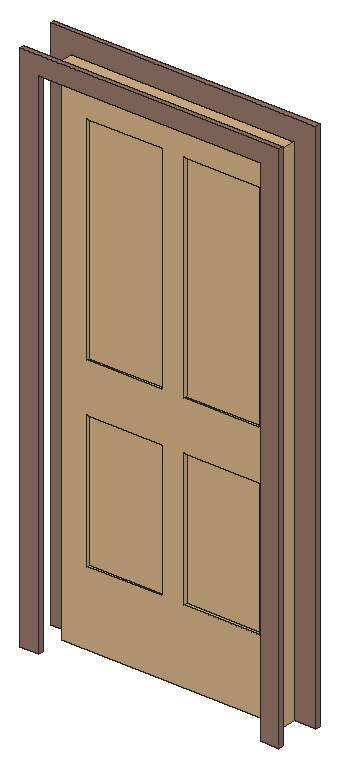
Revit family "0067_M_DR_W_single-panel 2-dbl acting", category 문, Revit 2026
Family settings
  호스트 = 벽
  항상 수직 = 예
  로드될 때 보이드를 사용하여 절단 = 아니오
  공유 = 아니오
  룸 계산 점 = 아니오
Parameters (values of type "36" x 84"")
  기능 = 내부
  Trim Width Int. = 0' - 3"
  두께 = 0' - 2"
  조합 코드 = "C1020100"
  Door Material = Door - Panel
  Frame Material = Door - Frame
  Height = 7' - 0"
  Stile Width - Center = 0' - 3 1/2"
  Trim Projection Ext. = 0' - 0 3/4"
  Trim Projection Int. = 0' - 0 3/4"
  Trim Width Ext. = 0' - 3 1/2"
  벽 마무리 = 호스트별
  Width = 3' - 0"
Types (8): name | 두께 | 조합 코드 | Height | Stile Width - Center | Trim Projection Ext. | Trim Projection Int. | Trim Width Ext. | Width
  36" x 84" | 0' - 2" | "C1020100" | 7' - 0" | 0' - 3 1/2" | 0' - 0 3/4" | 0' - 0 3/4" | 0' - 3 1/2" | 3' - 0"
  34" x 84" | 0' - 2" | "C1020100" | 7' - 0" | 0' - 3 1/2" | 0' - 0 3/4" | 0' - 0 3/4" | 0' - 3 1/2" | 2' - 10"
  30" x 84" | 0' - 2" | "C1020100" | 7' - 0" | 0' - 3 1/2" | 0' - 0 3/4" | 0' - 0 3/4" | 0' - 3 1/2" | 2' - 6"
  30" x 80" | 0' - 2" | "C1020100" | 6' - 8" | 0' - 3 1/2" | 0' - 0 3/4" | 0' - 0 3/4" | 0' - 3 1/2" | 2' - 6"
  36" x 80" | 0' - 2" | "C1020100" | 6' - 8" | 0' - 3 1/2" | 0' - 0 3/4" | 0' - 0 3/4" | 0' - 3 1/2" | 3' - 0"
  34" x 80" | 0' - 2" | "C1020100" | 6' - 8" | 0' - 3 1/2" | 0' - 0 3/4" | 0' - 0 3/4" | 0' - 3 1/2" | 2' - 10"
  32" x 84" | 0' - 2" | "C1020100" | 7' - 0" | 0' - 3 1/2" | 0' - 0 3/4" | 0' - 0 3/4" | 0' - 3 1/2" | 2' - 8"
  0915 x 2134mm | 0' - 1 31/32" | 0' - 0" | 7' - 0 1/64" | 0' - 3 35/64" | 0' - 0 101/128" | 0' - 0 101/128" | 0' - 3 35/64" | 3' - 0 3/128"
Reference planes (in)
  plane 1: y = 0
  plane 2: z = 0
  plane 3: x = 0
  plane 4: x = -18
  plane 5: x = 18
  plane 6: z = 84
  plane 7: x = -14
  plane 8: x = 14
  plane 9: z = 77
  plane 10: z = 34
  plane 11: z = 12
  plane 12: x = -1.75
  plane 13: x = 1.75
  plane 14: z = 42
Forms (in)
  Extrusion 1, solid, material "Door - Panel" <- "Door Material"
    sketch origin (-0.00488, -8.625, 0.12795) x (1, 0, 0) y (0, 0, 1)
      loop
        line (-13.99512, 76.93485) -> (-13.99512, 41.87205) -> (-1.74512, 41.87205) -> (-1.74512, 76.93485) -> (-13.99512, 76.93485)
      loop
        line (1.75488, 76.93485) -> (1.75488, 41.87205) -> (14.00488, 41.87205) -> (14.00488, 76.93485) -> (1.75488, 76.93485)
      loop
        line (-13.99512, 33.87205) -> (-13.99512, 11.87205) -> (-1.74512, 11.87205) -> (-1.74512, 33.87205) -> (-13.99512, 33.87205)
      loop
        line (1.75488, 33.87205) -> (1.75488, 11.87205) -> (14.00488, 11.87205) -> (14.00488, 33.87205) -> (1.75488, 33.87205)
      loop
        line (-18, 83.87205) -> (-18, -0.12795) -> (18, -0.12795) -> (18, 83.87205) -> (-18, 83.87205)
    from -11.625 to -9.625
  Extrusion 2, solid, material "Door - Panel" <- "Door Material"
    sketch origin (0.05185, 3, 0.05964) x (1, 0, 0) y (0, 0, 1)
      loop
        line (-14.05185, 76.94036) -> (-14.05185, 41.94036) -> (-1.79463, 41.94036) -> (-1.79463, 76.94036) -> (-14.05185, 76.94036)
      loop
        line (1.67166, 76.94036) -> (1.67166, 41.94036) -> (13.94815, 41.94036) -> (13.94815, 76.94036) -> (1.67166, 76.94036)
      loop
        line (-14.05185, 33.94036) -> (-14.05185, 11.94036) -> (-1.80185, 11.94036) -> (-1.80185, 33.94036) -> (-14.05185, 33.94036)
      loop
        line (1.69815, 33.94036) -> (1.69815, 11.94036) -> (13.94815, 11.94036) -> (13.94815, 33.94036) -> (1.69815, 33.94036)
    from 0.5 to 1.5
  Extrusion 3, solid, material "Door - Frame" <- "Frame Material"
    sketch origin (-60, -3, 0) x (1, 0, 0) y (0, 0, 1)
      loop
        line (42, 0) -> (42, 84) -> (78, 84) -> (78, 0) -> (81, 0) -> (81, 87) -> (39, 87) -> (39, 0) -> (42, 0)
    from 0 to 0.75
  Extrusion 4, solid, material "Door - Frame" <- "Frame Material"
    sketch origin (-60, 3, 0) x (-1, 0, 0) y (0, 0, 1)
      loop
        line (-81.5, 87.5) -> (-81.5, 0) -> (-77.99512, 0.05475) -> (-77.99512, 84.05475) -> (-41.99512, 84.05475) -> (-41.99512, 0.05475) -> (-38.5, 0.05475) -> (-38.5, 87.5) -> (-81.5, 87.5)
    from 0 to 0.75
Lines and regions (in)
  Opening 1
    outline origin (-60, -3, 144) x (0, 0, -1) y (1, 0, 0)
      loop
        line (60, 41.99512) -> (144, 41.99512) -> (144, 77.99512) -> (60, 77.99512) -> (60, 41.99512)
  symbolic lines, style "DoorsPanelProjection"
    curve 1: line (18, 3, 0) -> (16, 3, 0)
    curve 2: line (18, 3, 0) -> (18, 39, 0)
    curve 3: line (18, 39, 0) -> (16, 39, 0)
    curve 4: line (16, 3, 0) -> (16, 39, 0)
  symbolic lines, style "Plan Swing"
    curve 5: arc (18, 39, 0) -> (-7.45584, 28.45584, 0) -> (-18, 3, 0) r 36
  symbolic lines, style "Elevation Swing"
    curve 6: line (-18, 3, 84) -> (18, 3, 42)
    curve 7: line (18, 3, 42) -> (-18, 3, 0)
  symbolic lines, style "Dashed Line"
    curve 8: line (17.99512, 1, 0) -> (16, 1, 0)
    curve 9: line (17.99512, 1, 0) -> (17.99512, -35, 0)
    curve 10: line (17.99512, -35, 0) -> (16, -35, 0)
    curve 11: line (16, 1, 0) -> (16, -35, 0)
    curve 12: arc (-18.00488, 1, 0) -> (-7.46073, -24.45584, 0) -> (17.99512, -35, 0) r 36
Dimensions and locks (in)
  equal spacing: plane 4, plane 3, plane 5
  "Width": plane 4 to plane 5
  locked: host wall to curve 1
  locked: host wall to curve 5
  "Height": plane 6 to plane 2
  equal spacing: plane 6, curve 7, level
  plane 4 to plane 7 = 0' - 4"
  plane 8 to plane 5 = 0' - 4"
  plane 9 to plane 6 = 0' - 7"
  host wall to plane 11 = 1' - 0"
  plane 10 to plane 14 = 0' - 8"
  locked: Extrusion 2 to host wall at 0.5
  "두께": curve 4 to plane 5
  "Trim Projection Ext.": Extrusion 4 to host wall
  "Trim Projection Int.": Extrusion 3 to host wall
  locked: Extrusion 1 to Extrusion 2 at 0.5
  equal spacing: plane 13, plane 3, plane 12
  "Stile Width - Center": plane 13 to plane 12
  "Trim Width Ext.": plane 5 to Extrusion 4 sketch curve
  "Trim Width Ext.": Extrusion 4 sketch curve to plane 4
  "Trim Width Ext.": plane 6 to Extrusion 4 sketch curve
  Extrusion 1 to curve 6 = 0' - 2"
  "두께": Extrusion 1 to host wall
  "Trim Width Int.": Extrusion 3 sketch curve to plane 4
  "Trim Width Int.": plane 5 to Extrusion 3 sketch curve
  "Trim Width Int.": Extrusion 3 sketch curve to plane 6
  aligned and locked: curve 6 to host wall
  aligned and locked: Extrusion 1 to host wall
  aligned and locked: curve 8 to Extrusion 1  (x2)
  aligned and locked: curve 1 to curve 11
  aligned and locked: curve 12 to Extrusion 1
  aligned and locked: Extrusion 3 sketch curve to plane 4
  aligned and locked: plane 5 to Extrusion 3 sketch curve
  aligned and locked: plane 6 to Extrusion 3 sketch curve
  aligned and locked: Extrusion 3 sketch curve to level  (x2)
Automatic sketch dimensions
  Opening 1 sketch curve to plane 6 = 0' - 0"
  Opening 1 sketch curve to level = 0' - 0"
  plane 4 to Opening 1 sketch curve = 0' - 0.00488"
  plane 5 to Opening 1 sketch curve = 0' - 0.00488"
  curve 6 to plane 4 = 0' - 0"
  curve 6 to plane 6 = 0' - 0"
  curve 7 to level = 0' - 0"
  curve 7 to plane 4 = 0' - 0"
  curve 6 to plane 5 = 0' - 0"
  Extrusion 4 sketch curve to level = 0' - 0"
  plane 5 to Extrusion 4 sketch curve = 0' - 0.00488"
  plane 4 to Extrusion 4 sketch curve = 0' - 0.00488"
  level to Extrusion 4 sketch curve = 0' - 0.05475"  (x2)
  Extrusion 4 sketch curve to plane 6 = 0' - 0.05475"
  curve 5 to plane 4 = 0' - 0"
  curve 3 to plane 5 = 0' - 0"
  plane 4 to curve 12 = 0' - 0.00488"
  Extrusion 1 sketch curve to level = 0' - 0"
  Extrusion 1 sketch curve to plane 6 = 0' - 0"
  Extrusion 1 sketch curve to plane 7 = 0' - 0"  (x2)
  Extrusion 1 sketch curve to plane 12 = 0' - 0"  (x2)
  Extrusion 1 sketch curve to plane 11 = 0' - 0"  (x2)
  Extrusion 1 sketch curve to plane 13 = 0' - 0"  (x2)
  Extrusion 1 sketch curve to plane 10 = 0' - 0"  (x2)
  Extrusion 1 sketch curve to plane 8 = 0' - 0"  (x2)
  plane 4 to Extrusion 1 sketch curve = 0' - 0.00488"
  plane 5 to Extrusion 1 sketch curve = 0' - 0.00488"
  Extrusion 1 sketch curve to plane 14 = 0' - 0"  (x2)
  Extrusion 1 sketch curve to plane 9 = 0' - 0.06281"  (x2)
  Extrusion 2 sketch curve to plane 7 = 0' - 0"  (x2)
  Extrusion 2 sketch curve to plane 10 = 0' - 0"  (x2)
  Extrusion 2 sketch curve to plane 12 = 0' - 0"
  Extrusion 2 sketch curve to plane 9 = 0' - 0"  (x2)
  Extrusion 2 sketch curve to plane 14 = 0' - 0"  (x2)
  Extrusion 2 sketch curve to plane 11 = 0' - 0"  (x2)
  Extrusion 2 sketch curve to plane 13 = 0' - 0"
  Extrusion 2 sketch curve to plane 8 = 0' - 0"  (x2)
  plane 12 to Extrusion 2 sketch curve = 0' - 0.00722"
  Extrusion 2 sketch curve to plane 13 = 0' - 0.02649"
